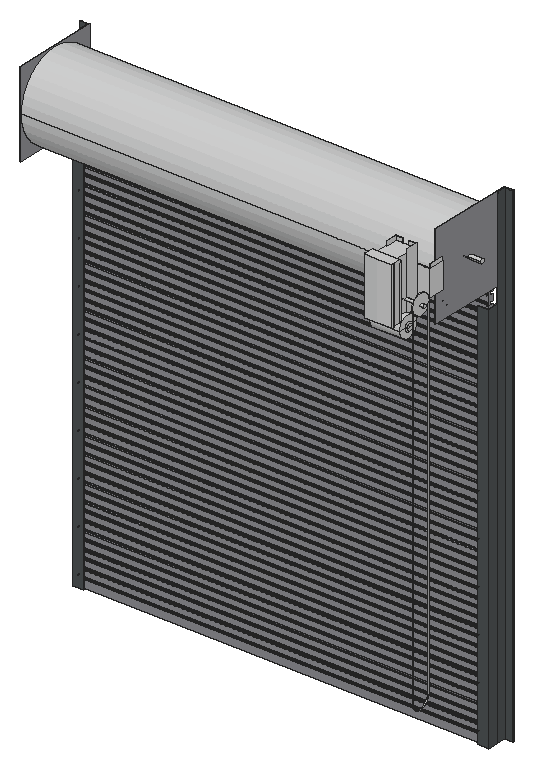
Revit family "Doors_Industrial_Overhead-Door-Corporation_Stormtite-AP-Rolling-Steel-Service-Doors-627_​", category Specialty Equipment, host Wall, Revit 2019 (continued)
Definition of nested family "Motor"
  Definition of nested family "2D_NotScalableMain_29e791da-3db9-4234-ab15-44456784202b"
    Lines and regions (in)
      Masking region 4, in view "Ref. Level", visible <- "Top + Bench"
        outline origin (0, 0, 0) x (1, 0, 0) y (0, 1, 0)
          loop
            line (-6.9985, -0.96741) -> (-5.7485, -0.96741) -> (-5.7485, -0.30491) -> (-5.5274, -0.30491) -> (-5.5274, -1.76746) -> (-5.42825, -1.86661) -> (-4.5757, -1.86661) -> (-4.5757, -3.22517) -> (4.57, -3.22517) -> (4.57, -1.27241) -> (4.799, -1.27241) -> (4.799, -0.84111) -> (5.199, -0.84111) -> (5.199, 0.84111) -> (4.799, 0.84111) -> (4.799, 1.27241) -> (4.57, 1.27241) -> (4.57, 3.22034) -> (4.3324, 3.22034) -> (4.3324, 6.13) -> (7.2495, 6.13) -> (7.2495, 3.53) -> (7.52, 3.53) -> (7.52, 6.13) -> (8.82, 6.13) -> (8.82, 6.93) -> (7.52, 6.93) -> (7.52, 9.53) -> (7.2495, 9.53) -> (7.2495, 6.93) -> (4.3324, 6.93) -> (4.3324, 19.24819) -> (3.108, 19.24819) -> (3.108, 20.0298) -> (0.988, 20.0298) -> (0.988, 19.24819) -> (-0.988, 19.24819) -> (-0.988, 20.0298) -> (-3.108, 20.0298) -> (-3.108, 19.24819) -> (-4.3324, 19.24819) -> (-4.3324, 3.22517) -> (-4.5757, 3.22517) -> (-4.5757, 1.86661) -> (-5.42825, 1.86661) -> (-5.5274, 1.76746) -> (-5.5274, 0.30491) -> (-5.7485, 0.30491) -> (-5.7485, 0.96741) -> (-6.9985, 0.96741) -> (-6.9985, -0.96741)
      Masking region 5, in view "Ref. Level", visible <- "Top Mount"
        outline origin (0, 0, 0) x (1, 0, 0) y (0, 1, 0)
          loop
            line (4.3324, 14.55771) -> (4.3324, 6.93) -> (7.2495, 6.93) -> (7.2495, 14.55771) -> (7.1295, 14.55771) -> (7.1295, 15.55771) -> (6.8795, 15.55771) -> (6.8795, 14.55771) -> (4.3324, 14.55771)
      Masking region 6, in view "Ref. Level", visible <- "Wall Mount"
        outline origin (0, 0, 0) x (1, 0, 0) y (0, 1, 0)
          loop
            line (-4.988, 4.96193) -> (-3.108, 4.96193) -> (-3.108, 1.46193) -> (-2.988, 1.46193) -> (-2.988, 5.08193) -> (-4.988, 5.08193) -> (-4.988, 4.96193)
          loop
            line (2.988, 1.46193) -> (3.108, 1.46193) -> (3.108, 4.96193) -> (4.988, 4.96193) -> (4.988, 5.08193) -> (2.988, 5.08193) -> (2.988, 1.46193)
      Masking region 7, in view "Ref. Level", visible <- "Bench Mount"
        outline origin (0, 0, 0) x (1, 0, 0) y (0, 1, 0)
          loop
            line (-7.24, 9.2698) -> (-7.1205, 9.2698) -> (-7.1205, 9.1098) -> (-4.3324, 9.1098) -> (-4.3324, 17.4298) -> (-7.1205, 17.4298) -> (-7.1205, 17.2698) -> (-7.24, 17.2698) -> (-7.24, 9.2698)
      Masking region 8, in view "Ref. Level", visible <- "Chain Hoist"
        outline origin (0, -6.98957, 0) x (1, 0, 0) y (0, 1, 0)
          loop
            line (4.7396, 6.58957) -> (7.2495, 6.58957) -> (7.2495, 3.98957) -> (7.52, 3.98957) -> (7.52, 6.58957) -> (8.82, 6.58957) -> (8.82, 7.38957) -> (7.52, 7.38957) -> (7.52, 9.98957) -> (7.2495, 9.98957) -> (7.2495, 7.38957) -> (4.7396, 7.38957) -> (4.7396, 6.58957)
      reference lines, in view "Ref. Level"
        curve 1: line (0, 0, 0) -> (0, 0.125, 0)
        curve 2: line (0, 0, 0) -> (0.125, 0, 0)
      detail lines, in view "Ref. Level", visible <- "Not Top + Bench"
        curve 3: line (7.2495, 4.19, 0) -> (7.2495, -1.81, 0)
        curve 4: line (7.52, 4.19, 0) -> (7.52, -1.81, 0)
        curve 5: line (-4.134, -2.29347, 0) -> (-4.134, -5.05565, 0)
        curve 6: line (4.116, -2.29347, 0) -> (4.116, -5.05565, 0)
        curve 7: line (-4.134, -2.41307, 0) -> (4.116, -2.41307, 0)
        curve 8: line (4.116, -2.29347, 0) -> (3.108, -2.29347, 0)
        curve 9: line (2.988, -2.17347, 0) -> (2.988, 4.96193, 0)
        curve 10: line (2.988, 4.96193, 0) -> (-2.988, 4.96193, 0)
        curve 11: line (-2.988, 4.96193, 0) -> (-2.988, -2.17347, 0)
        curve 12: arc (-2.988, -2.17347, 0) -> (-3.02315, -2.25832, 0) -> (-3.108, -2.29347, 0) r 0.12
        curve 13: arc (3.108, -2.29347, 0) -> (3.02315, -2.25832, 0) -> (2.988, -2.17347, 0) r 0.12
        curve 14: line (4.57, -3.22517, 0) -> (4.57, 0.77483, 0)
        curve 15: line (4.799, -1.27241, 0) -> (4.799, 0.77483, 0)
        curve 16: line (5.199, -0.84111, 0) -> (5.199, 0.77483, 0)
        curve 17: line (-4.5757, -3.22517, 0) -> (-4.5757, 3.22517, 0)
        curve 18: line (-5.42825, -1.86661, 0) -> (-5.42825, 1.86661, 0)
        curve 19: line (-5.5274, 1.76746, 0) -> (-5.5274, -1.76746, 0)
        curve 20: line (-5.7485, -0.96741, 0) -> (-5.7485, 0.96741, 0)
        curve 25: line (-4.116, -2.29347, 0) -> (-3.108, -2.29347, 0)
        curve 26: line (5.199, 0.77483, 0) -> (2.988, 0.77483, 0)
        curve 27: line (4.57, 1.59, 0) -> (3.108, 1.59, 0)
      detail lines, in view "Ref. Level", visible <- "Fire King Face Mount"
        curve 21: circle (0, 1.59, 0) r 1.29967 normal (0, 0, 1)
        curve 22: circle (0, 1.59, 0) r 0.87193 normal (0, 0, 1)
        curve 23: line (-2.988, 7.80693, 0) -> (2.988, 7.80693, 0)
        curve 24: line (-2.988, 7.685, 0) -> (2.988, 7.685, 0)
      detail lines, in view "Ref. Level", visible <- "Top + Bench"
        curve 28: line (-4.5757, -3.22517, 0) -> (-4.5757, 3.22517, 0)
        curve 29: line (-5.42825, 1.86661, 0) -> (-5.42825, -1.86661, 0)
        curve 30: line (-5.5274, 1.76746, 0) -> (-5.5274, -1.76746, 0)
        curve 31: line (-5.7485, -0.96741, 0) -> (-5.7485, 0.96741, 0)
        curve 32: line (-4.3324, 1.8898, 0) -> (-4.3324, 19.24819, 0)
        curve 33: line (-4.3324, 1.8898, 0) -> (4.3324, 1.8898, 0)
        curve 34: line (4.3324, 1.8898, 0) -> (4.3324, 19.24819, 0)
        curve 35: line (4.57, 3.22517, 0) -> (4.57, -3.22517, 0)
        curve 36: line (4.799, 1.27241, 0) -> (4.799, -1.22759, 0)
        curve 41: line (2.988, 20.0298, 0) -> (2.988, 19.24819, 0)
        curve 42: line (-2.988, 20.0298, 0) -> (-2.988, 19.24819, 0)
        curve 43: line (-3.108, 19.24819, 0) -> (-0.988, 19.24819, 0)
        curve 44: line (0.988, 19.24819, 0) -> (3.108, 19.24819, 0)
      detail lines, in view "Ref. Level", visible <- "Chain Hoist"
        curve 37: line (7.2495, 3, 0) -> (7.2495, -3, 0)
        curve 38: line (7.52, -3, 0) -> (7.52, 3, 0)
      detail lines, in view "Ref. Level", visible <- "Bench Mount"
        curve 39: line (-7.1205, 17.4298, 0) -> (-7.1205, 9.1098, 0)
        curve 40: line (-6.9985, 17.4298, 0) -> (-6.9985, 9.1098, 0)
    Dimensions and locks (in)
      curve 1 to curve 1 = 1/8"
      curve 2 to curve 2 = 1/8"
      aligned and locked: plane 1 "Center (Front/Back)" to curve 1
      aligned and locked: plane 3 "Center (Left/Right)" to curve 1
      aligned and locked: plane 1 "Center (Front/Back)" to curve 2
Definition of nested family "627"
  Parameters (values of type "Vision lites 1”x10” - Brown")
    Void Offset [instance] = if(Integrated Cutout, 0", 2")  # 2 1/4"
    Void Height [instance] = 1 1/2"  # constant formula
    Standard = no
    Slat Width [instance] = 1 1/2"  # constant formula
    Slat Position + Offset [instance] = Slat Position + Cutout Vertical Offset  # 14.491"
    Slat Position [instance] = 2.63" * 5  # 13.15"
    Slat Option [instance] = 3
    Rough Height = 0"
    Perforation = no
    Fenestration Small = no
    Fenestration Large = yes
    Cutout Width Offset [instance] = 1"  # constant formula
    Cutout Material 2 = none
    Cutout Horizontal Offset [instance] = 1"  # constant formula
    Cutout Material = none
    Panel Material = none
    Opening Width [instance] = 126"
    Cutout Vertical Offset [instance] = 1.341"  # constant formula
    F 265, FE 265 [instance] = if(Slat Option > 2, 1 = 1, 1 = 2)  # yes
    Default Elevation = 48"
    Integrated Cutout [instance] = if(and(or(Perforation, Fenestration Small), Slat Option > 1), 1 = 1, if(and(Fenestration Large, Slat Option > 2), 1 = 1, 1 = 2))  # yes
    C 275 [instance] = if(Slat Option = 2, 1 = 1, 1 = 2)  # no
    C 187 Standard [instance] = if(Slat Option < 2, 1 = 1, 1 = 2)  # no
    Analytic Construction = "<None>"
  Types (8): name | Void Offset | Standard | Fenestration Large | Integrated Cutout
    Standard - White | 2" | yes | no | no
    Standard - Tan | 2" | yes | no | no
    Standard - Brown | 2" | yes | no | no
    Standard - Gray | 2" | yes | no | no
    Vision lites 1”x10” - White | 2 1/4" | no | yes | yes
    Vision lites 1”x10” - Tan | 2 1/4" | no | yes | yes
    Vision lites 1”x10” - Gray | 2 1/4" | no | yes | yes
    Vision lites 1”x10” - Brown | 2 1/4" | no | yes | yes
  Reference planes (in)
    plane 1 "Center (Front/Back)": y = 0
    plane 2: z = 0
    plane 3 "Center (Left/Right)": x = 0
    plane 4: x = -63
    plane 5: x = 63
    plane 6: y = 1.5
    plane 7: y = 0
    plane 8: y = 0.75
    plane 9: x = -62
    plane 10: x = 62
    plane 11: z = 1.341
    plane 12: z = 3.971
    plane 13: z = 6.601
    plane 14: z = 9.231
    plane 15: z = 11.861
    plane 16: y = 3
  Forms (in)
    Extrusion 1, solid, material <- "Panel Material", visible <- "F 265, FE 265"
      sketch origin (0, -4.98186, 13.12534) x (0, 1, 0) y (0, 0, 1)
        loop
          arc (5.45292, -0.19368) -> (5.39447, 0.21742) -> (5.19886, -0.14885) r 0.21842
          line (5.19886, -0.14885) -> (5.00017, -0.34755)
          arc (5.00017, -0.34755) -> (4.98662, -0.36783) -> (4.98186, -0.39174) r 0.0625
          line (4.98186, -0.39174) -> (4.98186, -2.16267)
          arc (4.98186, -2.16267) -> (4.98426, -2.18702) -> (4.99135, -2.21045) r 0.125
          line (4.99135, -2.21045) -> (5.14325, -2.57763)
          arc (5.14325, -2.57763) -> (5.14677, -2.68295) -> (5.19886, -2.77455) r 0.22006
          line (5.19886, -2.77455) -> (5.00018, -2.97308)
          arc (5.00018, -2.97308) -> (4.98662, -2.99336) -> (4.98186, -3.01729) r 0.0625
          line (4.98186, -3.01729) -> (4.98186, -4.78837)
          arc (4.98186, -4.78837) -> (4.98426, -4.81272) -> (4.99135, -4.83615) r 0.125
          line (4.99135, -4.83615) -> (5.14325, -5.20333)
          arc (5.14325, -5.20333) -> (5.14677, -5.30865) -> (5.19886, -5.40025) r 0.22006
          line (5.19886, -5.40025) -> (5.00018, -5.59878)
          arc (5.00018, -5.59878) -> (4.98662, -5.61906) -> (4.98186, -5.64299) r 0.0625
          line (4.98186, -5.64299) -> (4.98186, -7.41407)
          arc (4.98186, -7.41407) -> (4.98426, -7.43843) -> (4.99135, -7.46185) r 0.125
          line (4.99135, -7.46185) -> (5.14325, -7.82903)
          arc (5.14325, -7.82903) -> (5.14677, -7.93435) -> (5.19886, -8.02595) r 0.22006
          line (5.19886, -8.02595) -> (5.00018, -8.22448)
          arc (5.00018, -8.22448) -> (4.98662, -8.24476) -> (4.98186, -8.26869) r 0.0625
          line (4.98186, -8.26869) -> (4.98186, -10.03977)
          arc (4.98186, -10.03977) -> (4.98426, -10.06413) -> (4.99135, -10.08755) r 0.125
          line (4.99135, -10.08755) -> (5.14325, -10.45473)
          arc (5.14325, -10.45473) -> (5.14677, -10.56005) -> (5.19886, -10.65165) r 0.22006
          line (5.19886, -10.65165) -> (5.00018, -10.85018)
          arc (5.00018, -10.85018) -> (4.98662, -10.87046) -> (4.98186, -10.89439) r 0.0625
          line (4.98186, -10.89439) -> (4.98186, -12.73128)
          arc (4.98186, -12.73128) -> (4.98662, -12.7552) -> (5.00017, -12.77547) r 0.0625
          line (5.00017, -12.77547) -> (5.19886, -12.97417)
          arc (5.19886, -12.97417) -> (5.39447, -13.34044) -> (5.45292, -12.92935) r 0.21842
          line (5.45292, -12.92935) -> (5.58628, -12.79599)
          arc (5.58628, -12.79599) -> (5.60655, -12.78244) -> (5.63047, -12.77768) r 0.0625
          line (5.63047, -12.77768) -> (6.41936, -12.77768)
          arc (6.41936, -12.77768) -> (6.46355, -12.75937) -> (6.48186, -12.71518) r 0.0625
          line (6.48186, -12.71518) -> (6.48186, -10.91065)
          arc (6.48186, -10.91065) -> (6.46355, -10.86645) -> (6.41936, -10.84815) r 0.0625
          line (6.41936, -10.84815) -> (5.63047, -10.84815)
          arc (5.63047, -10.84815) -> (5.60655, -10.84339) -> (5.58628, -10.82984) r 0.0625
          line (5.58628, -10.82984) -> (5.45292, -10.69648)
          arc (5.45292, -10.69648) -> (5.56742, -10.5584) -> (5.53991, -10.38115) r 0.21842
          line (5.53991, -10.38115) -> (5.53991, -10.1271)
          arc (5.53991, -10.1271) -> (5.55821, -10.08291) -> (5.60241, -10.0646) r 0.0625
          line (5.60241, -10.0646) -> (6.41936, -10.0646)
          arc (6.41936, -10.0646) -> (6.46355, -10.0463) -> (6.48186, -10.0021) r 0.0625
          line (6.48186, -10.0021) -> (6.48186, -8.28495)
          arc (6.48186, -8.28495) -> (6.46355, -8.24075) -> (6.41936, -8.22245) r 0.0625
          line (6.41936, -8.22245) -> (5.63047, -8.22245)
          arc (5.63047, -8.22245) -> (5.60655, -8.21769) -> (5.58628, -8.20414) r 0.0625
          line (5.58628, -8.20414) -> (5.45292, -8.07078)
          arc (5.45292, -8.07078) -> (5.56742, -7.9327) -> (5.53991, -7.75545) r 0.21842
          line (5.53991, -7.75545) -> (5.53991, -7.5014)
          arc (5.53991, -7.5014) -> (5.55821, -7.45721) -> (5.60241, -7.4389) r 0.0625
          line (5.60241, -7.4389) -> (6.41936, -7.4389)
          arc (6.41936, -7.4389) -> (6.46355, -7.4206) -> (6.48186, -7.3764) r 0.0625
          line (6.48186, -7.3764) -> (6.48186, -5.65925)
          arc (6.48186, -5.65925) -> (6.46355, -5.61505) -> (6.41936, -5.59675) r 0.0625
          line (6.41936, -5.59675) -> (5.63047, -5.59675)
          arc (5.63047, -5.59675) -> (5.60655, -5.59199) -> (5.58628, -5.57844) r 0.0625
          line (5.58628, -5.57844) -> (5.45292, -5.44508)
          arc (5.45292, -5.44508) -> (5.56742, -5.307) -> (5.53991, -5.12975) r 0.21842
          line (5.53991, -5.12975) -> (5.53991, -4.8757)
          arc (5.53991, -4.8757) -> (5.55821, -4.83151) -> (5.60241, -4.8132) r 0.0625
          line (5.60241, -4.8132) -> (6.41936, -4.8132)
          arc (6.41936, -4.8132) -> (6.46355, -4.79489) -> (6.48186, -4.7507) r 0.0625
          line (6.48186, -4.7507) -> (6.48186, -3.03354)
          arc (6.48186, -3.03354) -> (6.46355, -2.98935) -> (6.41936, -2.97104) r 0.0625
          line (6.41936, -2.97104) -> (5.63047, -2.97104)
          arc (5.63047, -2.97104) -> (5.60655, -2.96629) -> (5.58628, -2.95274) r 0.0625
          line (5.58628, -2.95274) -> (5.45292, -2.81938)
          arc (5.45292, -2.81938) -> (5.56742, -2.6813) -> (5.53991, -2.50405) r 0.21842
          line (5.53991, -2.50405) -> (5.53991, -2.25)
          arc (5.53991, -2.25) -> (5.55821, -2.20581) -> (5.60241, -2.1875) r 0.0625
          line (5.60241, -2.1875) -> (6.41936, -2.1875)
          arc (6.41936, -2.1875) -> (6.46355, -2.16919) -> (6.48186, -2.125) r 0.0625
          line (6.48186, -2.125) -> (6.48186, -0.40784)
          arc (6.48186, -0.40784) -> (6.46355, -0.36365) -> (6.41936, -0.34534) r 0.0625
          line (6.41936, -0.34534) -> (5.63047, -0.34534)
          arc (5.63047, -0.34534) -> (5.60655, -0.34059) -> (5.58628, -0.32704) r 0.0625
          line (5.58628, -0.32704) -> (5.45292, -0.19368)
      from -63 to 63
    Extrusion 2, void
      sketch origin (0, 0, 0) x (0, 1, 0) y (0, 0, 1)
        loop
          line (2.25, 12.611) -> (2.25, 11.111) -> (3.75, 11.111) -> (3.75, 12.611) -> (2.25, 12.611)
        loop
          line (2.25, 9.981) -> (2.25, 8.481) -> (3.75, 8.481) -> (3.75, 9.981) -> (2.25, 9.981)
        loop
          line (2.25, 7.351) -> (2.25, 5.851) -> (3.75, 5.851) -> (3.75, 7.351) -> (2.25, 7.351)
        loop
          line (2.25, 4.721) -> (2.25, 3.221) -> (3.75, 3.221) -> (3.75, 4.721) -> (2.25, 4.721)
        loop
          line (2.25, 2.091) -> (2.25, 0.591) -> (3.75, 0.591) -> (3.75, 2.091) -> (2.25, 2.091)
      from -62 to 62
  Cuts and joins
    Extrusion 2 cuts Extrusion 1
  Lines and regions (in)
    reference lines
      curve 1: line (0, -4.98186, 12.78) -> (0, 10.2077, 12.78)
  Dimensions and locks (in)
    equal spacing: plane 4, plane 3 "Center (Left/Right)", plane 5
    "Opening Width": plane 4 to plane 5
    "Slat Width": plane 1 "Center (Front/Back)" to plane 6
    equal spacing: plane 1 "Center (Front/Back)", plane 8, plane 6
    "Cutout Width Offset": plane 4 to plane 9
    "Cutout Width Offset": plane 5 to plane 10
    locked: curve 1 to curve 1 at 15.18956
    locked: plane 12 to plane 11 at 2.63
    locked: plane 13 to plane 12 at 2.63
    locked: plane 14 to plane 13 at 2.63
    locked: plane 15 to plane 14 at 2.63
    locked: plane 11 to level at 1.341
    locked: curve 1 to level at 12.78
    "Void Offset": plane 8 to plane 16
    locked: Extrusion 2 sketch curve to plane 16 at 0.75
    locked: plane 16 to Extrusion 2 sketch curve at 0.75
    equal spacing: Extrusion 2 sketch curve, plane 15, Extrusion 2 sketch curve
    equal spacing: Extrusion 2 sketch curve, plane 14, Extrusion 2 sketch curve
    equal spacing: Extrusion 2 sketch curve, plane 13, Extrusion 2 sketch curve
    equal spacing: Extrusion 2 sketch curve, plane 12, Extrusion 2 sketch curve
    equal spacing: Extrusion 2 sketch curve, plane 11, Extrusion 2 sketch curve
    locked: Extrusion 2 sketch curve to Extrusion 2 sketch curve at 1.5  (x5)
    aligned and locked: plane 2 to level
    aligned and locked: plane 1 "Center (Front/Back)" to plane 7
    aligned and locked: plane 5 to Extrusion 1
    aligned and locked: plane 4 to Extrusion 1
    aligned and locked: plane 8 to nested 5
    aligned and locked: plane 8 to nested 4
    aligned and locked: plane 8 to nested 3
    aligned and locked: plane 8 to nested 1
    aligned and locked: plane 8 to nested 2
    aligned and locked: plane 3 "Center (Left/Right)" to nested 2
    aligned and locked: plane 3 "Center (Left/Right)" to nested 1
    aligned and locked: plane 3 "Center (Left/Right)" to nested 3
    aligned and locked: plane 3 "Center (Left/Right)" to nested 4
    aligned and locked: plane 3 "Center (Left/Right)" to nested 5
    aligned and locked: Extrusion 2 sketch curve to Extrusion 2 sketch curve  (x8)
    aligned and locked: plane 9 to Extrusion 2
    aligned and locked: plane 10 to Extrusion 2
  Automatic sketch dimensions
    plane 1 "Center (Front/Back)" to curve 1 = 4.98186"
    curve 1 to Extrusion 1 sketch curve = 0"
    curve 1 to Extrusion 1 sketch curve = 4.98186"  (x2)
    curve 1 to Extrusion 1 sketch curve = 0.0464"
    Extrusion 1 sketch curve to Extrusion 1 sketch curve = 0"  (x9)
    curve 1 to Extrusion 1 sketch curve = 1.8651"
    Extrusion 1 sketch curve to Extrusion 1 sketch curve = 0.00949"  (x4)
    curve 1 to Extrusion 1 sketch curve = 4.49081"
    Extrusion 1 sketch curve to Extrusion 1 sketch curve = 0.01831"  (x3)
    curve 1 to Extrusion 1 sketch curve = 0.00221"
    Extrusion 1 sketch curve to Extrusion 1 sketch curve = 0.01832"  (x4)
    curve 1 to Extrusion 1 sketch curve = 2.62774"
    Extrusion 1 sketch curve to Extrusion 1 sketch curve = 0.04418"  (x3)
    Extrusion 1 sketch curve to Extrusion 1 sketch curve = 1/16"  (x11)
    Extrusion 1 sketch curve to Extrusion 1 sketch curve = 0.11551"  (x3)
    Extrusion 1 sketch curve to Extrusion 1 sketch curve = 1/8"
    Extrusion 1 sketch curve to Extrusion 1 sketch curve = 0.1519"  (x2)
    curve 1 to Extrusion 1 sketch curve = 2.23228"
    curve 1 to Extrusion 1 sketch curve = 4.85798"
    Extrusion 1 sketch curve to Extrusion 1 sketch curve = 0.1987"
    Extrusion 1 sketch curve to Extrusion 1 sketch curve = 0.05561"  (x3)
    Extrusion 1 sketch curve to curve 1 = 0.19649"
    curve 1 to Extrusion 1 sketch curve = 2.42921"
    Extrusion 1 sketch curve to Extrusion 1 sketch curve = 0.15765"  (x2)
    Extrusion 1 sketch curve to Extrusion 1 sketch curve = 0.21361"  (x4)
    Extrusion 1 sketch curve to Extrusion 1 sketch curve = 0.0017"  (x4)
    curve 1 to Extrusion 1 sketch curve = 2.47403"
    Extrusion 1 sketch curve to Extrusion 1 sketch curve = 0.09436"  (x4)
    Extrusion 1 sketch curve to curve 1 = 0.15167"
    Extrusion 1 sketch curve to Extrusion 1 sketch curve = 0.0964"  (x2)
    Extrusion 1 sketch curve to Extrusion 1 sketch curve = 0.18135"  (x4)
    Extrusion 1 sketch curve to Extrusion 1 sketch curve = 0.13336"  (x6)
    Extrusion 1 sketch curve to curve 1 = 0.01831"
    Extrusion 1 sketch curve to Extrusion 1 sketch curve = 0.04419"  (x6)
    Extrusion 1 sketch curve to Extrusion 1 sketch curve = 0.81695"  (x2)
    Extrusion 1 sketch curve to Extrusion 1 sketch curve = 0.78889"  (x4)
    curve 1 to Extrusion 1 sketch curve = 1/16"
    Extrusion 1 sketch curve to Extrusion 1 sketch curve = 0.04551"
    Extrusion 1 sketch curve to Extrusion 1 sketch curve = 0.00008"  (x4)
    Extrusion 1 sketch curve to Extrusion 1 sketch curve = 0.19624"
    Extrusion 1 sketch curve to Extrusion 1 sketch curve = 0.08917"  (x3)
    Extrusion 1 sketch curve to Extrusion 1 sketch curve = 1.71716"  (x2)
    Extrusion 1 sketch curve to Extrusion 1 sketch curve = 0.02483"
    Extrusion 1 sketch curve to Extrusion 1 sketch curve = 0.25405"  (x4)
    Extrusion 1 sketch curve to Extrusion 1 sketch curve = 0.11909"  (x2)
    Extrusion 1 sketch curve to Extrusion 1 sketch curve = 1.80453"
    Extrusion 1 sketch curve to Extrusion 1 sketch curve = 0.0464"
    Extrusion 1 sketch curve to Extrusion 1 sketch curve = 0.21417"
    Extrusion 1 sketch curve to Extrusion 1 sketch curve = 0.04559"
  Nested families (in)
    nested 1: "Perforation" at (0, 0.75, 9.231), visible <- "Integrated Cutout", type "Perforation"
      with Thickness 1 1/2", Opening Width 126", Height 1 1/2"
    nested 2: "Perforation" at (0, 0.75, 11.861), visible <- "Integrated Cutout", type "Perforation"
      with Thickness 1 1/2", Opening Width 126", Height 1 1/2"
    nested 3: "Perforation" at (0, 0.75, 6.601), visible <- "Integrated Cutout", type "Perforation"
      with Thickness 1 1/2", Opening Width 126", Height 1 1/2"
    nested 4: "Perforation" at (0, 0.75, 3.971), visible <- "Integrated Cutout", type "Perforation"
      with Thickness 1 1/2", Opening Width 126", Height 1 1/2"
    nested 5: "Perforation" at (0, 0.75, 1.341), visible <- "Integrated Cutout", type "Perforation"
      with Thickness 1 1/2", Opening Width 126", Height 1 1/2"
  Definition of nested family "Perforation"
    Parameters (values of type "Perforation")
      Thickness = 0.06"
      Perforation = none
      Opening Width = 123 5/8"
      Offset = 1"
      Height = 1"
      Default Elevation = 48"
    Reference planes (in)
      plane 1 "Center (Front/Back)": y = 0
      plane 2: z = 0
      plane 3 "Center (Left/Right)": x = 0
      plane 4: z = 0.5
      plane 5: z = -0.5
      plane 6: y = -0.03
      plane 7: y = 0.03
      plane 8: x = -61.8125
      plane 9: x = 61.8125
      plane 10: x = -60.8125
      plane 11: x = 60.8125
    Forms (in)
      Extrusion 1, solid, material <- "Perforation"
        sketch origin (0, -0.19, 0) x (0, 1, 0) y (0, 0, 1)
          loop
            line (0.16, 0.5) -> (0.16, -0.5) -> (0.22, -0.5) -> (0.22, 0.5) -> (0.16, 0.5)
        from -60.8125 to 60.8125
    Dimensions and locks (in)
      equal spacing: plane 4, level, plane 5
      "Height": plane 4 to plane 5
      equal spacing: plane 6, plane 1 "Center (Front/Back)", plane 7
      "Thickness": plane 6 to plane 7
      "Opening Width": plane 8 to plane 9
      "Offset": plane 8 to plane 10
      "Offset": plane 9 to plane 11
      equal spacing: plane 8, plane 3 "Center (Left/Right)", plane 9
      aligned and locked: plane 2 to level
      aligned and locked: plane 4 to Extrusion 1
      aligned and locked: Extrusion 1 to plane 5
      aligned and locked: plane 6 to Extrusion 1
      aligned and locked: plane 7 to Extrusion 1
      aligned and locked: Extrusion 1 to plane 10
      aligned and locked: plane 11 to Extrusion 1
    Automatic sketch dimensions
      Extrusion 1 sketch curve to level = 1/2"
      plane 1 "Center (Front/Back)" to Extrusion 1 sketch curve = 0.03"
      Extrusion 1 sketch curve to plane 1 "Center (Front/Back)" = 0.03"
      plane 4 to Extrusion 1 sketch curve = 0"
Definition of nested family "Label Annotation 1"
  Parameters (values of type "Label Annotation 1-8")
    Label = "Area is too big. Please reduce Door Size."
  Reference planes (in)
    plane 1: y = 0
    plane 2: x = 0
  Text (in)
    label "Label" at (0.00375, -0.00345, 0), shows "Label"
Definition of nested family "Warning Sign"
  Parameters (values of type "Warning Sign")
    Warning Sign [instance] = no
    Default Elevation = 48"
  Reference planes (in)
    plane 1 "Center (Front/Back)": y = 0
    plane 2: z = 0
    plane 3 "Center (Left/Right)": x = 0
    plane 4: y = 0.5
    plane 5: y = -0.5
    plane 6: y = 1
    plane 7: y = 0.25
  Lines and regions (in)
    model lines
      curve 1: line (-2.26129, 1, 45.69444) -> (-26.3817, 1, 3.91667)
      curve 2: line (-25.25106, 1, 3.26389) -> (-1.13064, 1, 45.04167)
      curve 3: arc (2.26129, 1, 45.69444) -> (0, 1, 47) -> (-2.26129, 1, 45.69444) r 2.61111
      curve 4: arc (-1.13064, 1, 45.04167) -> (0, 1, 45.69444) -> (1.13064, 1, 45.04167) r 1.30556
      curve 5: line (1.13064, 1, 45.04167) -> (25.25106, 1, 3.26389)
      curve 6: line (26.3817, 1, 3.91667) -> (2.26129, 1, 45.69444)
      curve 7: arc (25.25106, 1, 3.26389) -> (25.25106, 1, 1.95833) -> (24.12041, 1, 1.30556) r 1.30556
      curve 8: arc (24.12041, 1, 0) -> (26.3817, 1, 1.30556) -> (26.3817, 1, 3.91667) r 2.61111
      curve 9: line (24.12041, 1, 1.30556) -> (-24.12041, 1, 1.30556)
      curve 10: line (-24.12041, 1, 0) -> (24.12041, 1, 0)
      curve 11: arc (-24.12041, 1, 1.30556) -> (-25.25106, 1, 1.95833) -> (-25.25106, 1, 3.26389) r 1.30556
      curve 12: arc (-26.3817, 1, 3.91667) -> (-26.3817, 1, 1.30556) -> (-24.12041, 1, 0) r 2.61111
      curve 13: arc (-2.29479, 1, 8.63537) -> (0, 1, 6.34057) -> (2.29479, 1, 8.63537) r 2.29479
      curve 14: arc (2.29479, 1, 8.63537) -> (0, 1, 10.93016) -> (-2.29479, 1, 8.63537) r 2.29479
      curve 15: arc (-1.6331, 1, 13.97069) -> (0.03439, 1, 12.53727) -> (1.69278, 1, 13.98121) r 1.68043
      curve 16: line (-3.77413, 1, 28.37873) -> (-1.6331, 1, 13.97069)
      curve 17: line (1.69278, 1, 13.98121) -> (3.73924, 1, 28.37873)
      curve 18: arc (3.73924, 1, 28.37873) -> (-0.01745, 1, 32.13541) -> (-3.77413, 1, 28.37873) r 3.75668
      curve 19: line (-2.26129, -0.5, 45.69444) -> (-26.3817, -0.5, 3.91667)
      curve 20: line (-25.25106, -0.5, 3.26389) -> (-1.13064, -0.5, 45.04167)
      curve 21: arc (2.26129, -0.5, 45.69444) -> (0, -0.5, 47) -> (-2.26129, -0.5, 45.69444) r 2.61111
      curve 22: arc (-1.13064, -0.5, 45.04167) -> (0, -0.5, 45.69444) -> (1.13064, -0.5, 45.04167) r 1.30556
      curve 23: line (1.13064, -0.5, 45.04167) -> (25.25106, -0.5, 3.26389)
      curve 24: line (26.3817, -0.5, 3.91667) -> (2.26129, -0.5, 45.69444)
      curve 25: arc (25.25106, -0.5, 3.26389) -> (25.25106, -0.5, 1.95833) -> (24.12041, -0.5, 1.30556) r 1.30556
      curve 26: arc (24.12041, -0.5, 0) -> (26.3817, -0.5, 1.30556) -> (26.3817, -0.5, 3.91667) r 2.61111
      curve 27: line (24.12041, -0.5, 1.30556) -> (-24.12041, -0.5, 1.30556)
      curve 28: line (-24.12041, -0.5, 0) -> (24.12041, -0.5, 0)
      curve 29: arc (-24.12041, -0.5, 1.30556) -> (-25.25106, -0.5, 1.95833) -> (-25.25106, -0.5, 3.26389) r 1.30556
      curve 30: arc (-26.3817, -0.5, 3.91667) -> (-26.3817, -0.5, 1.30556) -> (-24.12041, -0.5, 0) r 2.61111
      curve 31: arc (-2.29479, -0.5, 8.63537) -> (0, -0.5, 6.34057) -> (2.29479, -0.5, 8.63537) r 2.29479
      curve 32: arc (2.29479, -0.5, 8.63537) -> (0, -0.5, 10.93016) -> (-2.29479, -0.5, 8.63537) r 2.29479
      curve 33: arc (-1.6331, -0.5, 13.97069) -> (0.03439, -0.5, 12.53727) -> (1.69278, -0.5, 13.98121) r 1.68043
      curve 34: line (-3.77413, -0.5, 28.37873) -> (-1.6331, -0.5, 13.97069)
      curve 35: line (1.69278, -0.5, 13.98121) -> (3.73924, -0.5, 28.37873)
      curve 36: arc (3.73924, -0.5, 28.37873) -> (-0.01745, -0.5, 32.13541) -> (-3.77413, -0.5, 28.37873) r 3.75668
  Dimensions and locks (in)
    locked: plane 1 "Center (Front/Back)" to plane 4 at 0.5
    equal spacing: plane 1 "Center (Front/Back)", plane 7, plane 4
    locked: plane 4 to plane 6 at 0.5
    locked: plane 5 to plane 1 "Center (Front/Back)" at 0.5
    aligned and locked: plane 2 to level
  Automatic sketch dimensions
    curve 21 to curve 22 = 0"  (x2)
    curve 25 to curve 26 = 0"  (x2)
    curve 29 to curve 30 = 0"  (x2)
    curve 31 to curve 32 = 0"  (x2)
    curve 21 to plane 3 "Center (Left/Right)" = 0"
    curve 31 to plane 3 "Center (Left/Right)" = 0"
    curve 30 to level = 0"
    level to curve 27 = 1.30556"
    curve 26 to curve 27 = 1.30556"
    curve 29 to curve 27 = 1.30556"
    curve 23 to curve 25 = 0.65278"
    curve 20 to curve 29 = 0.65278"
    curve 24 to curve 23 = 0.65278"
    curve 19 to curve 20 = 0.65278"
    level to curve 32 = 8.63537"
    curve 34 to plane 3 "Center (Left/Right)" = 1.6331"
    curve 34 to curve 31 = 5.33532"
    plane 3 "Center (Left/Right)" to curve 35 = 1.69278"
    curve 35 to curve 34 = 0.01052"
    plane 3 "Center (Left/Right)" to curve 33 = 0.02908"
    curve 36 to plane 3 "Center (Left/Right)" = 0.01745"
    curve 36 to curve 33 = 14.16104"
    curve 22 to curve 36 = 16.01016"
    plane 3 "Center (Left/Right)" to curve 23 = 1.13064"
    curve 23 to curve 21 = 0.65278"
    curve 20 to plane 3 "Center (Left/Right)" = 1.13064"
    plane 3 "Center (Left/Right)" to curve 24 = 2.26129"
    curve 24 to curve 22 = 0.65278"
    curve 19 to plane 3 "Center (Left/Right)" = 2.26129"
    curve 34 to curve 36 = 3.75668"
    curve 30 to plane 3 "Center (Left/Right)" = 24.12041"
    plane 3 "Center (Left/Right)" to curve 25 = 24.12041"
    curve 31 to curve 31 = 2.29479"
    curve 3 to curve 4 = 0"  (x2)
    curve 7 to curve 8 = 0"  (x2)
    curve 11 to curve 12 = 0"  (x2)
    curve 13 to curve 14 = 0"  (x2)
    curve 3 to plane 3 "Center (Left/Right)" = 0"
    curve 13 to plane 3 "Center (Left/Right)" = 0"
    curve 12 to level = 0"
    level to curve 9 = 1.30556"
    curve 8 to curve 9 = 1.30556"
    curve 11 to curve 9 = 1.30556"
    curve 5 to curve 7 = 0.65278"
    curve 2 to curve 11 = 0.65278"
    curve 6 to curve 5 = 0.65278"
    curve 1 to curve 2 = 0.65278"
    level to curve 14 = 8.63537"
    curve 16 to plane 3 "Center (Left/Right)" = 1.6331"
    curve 16 to curve 13 = 5.33532"
    plane 3 "Center (Left/Right)" to curve 17 = 1.69278"
    curve 17 to curve 16 = 0.01052"
    plane 3 "Center (Left/Right)" to curve 15 = 0.02908"
    curve 18 to plane 3 "Center (Left/Right)" = 0.01745"
    curve 18 to curve 15 = 14.16104"
    curve 4 to curve 18 = 16.01016"
    plane 3 "Center (Left/Right)" to curve 5 = 1.13064"
    curve 5 to curve 3 = 0.65278"
    curve 2 to plane 3 "Center (Left/Right)" = 1.13064"
    plane 3 "Center (Left/Right)" to curve 6 = 2.26129"
    curve 6 to curve 4 = 0.65278"
    curve 1 to plane 3 "Center (Left/Right)" = 2.26129"
    curve 16 to curve 18 = 3.75668"
    curve 12 to plane 3 "Center (Left/Right)" = 24.12041"
    plane 3 "Center (Left/Right)" to curve 7 = 24.12041"
    curve 13 to curve 13 = 2.29479"
Types (6): name | Voltage | Operator Visibility | Number of Poles | Hood Offset | Headroom Height Real | Headroom Height | Door Height True | Door Height (Real) | Floor To (CL) of Shaft | Chain Hoist or Manual | Connector Array | Calculated Area | Apparent Load Phase 3 | Apparent Load Phase 2 | Apparent Load Phase 1
  115 volts, one phase, 60 Hz (110-120V range) | 115 V | yes | 1 | 5" | 31" | 31" | 151" | 125" | 138" | no | 3 | 104.601 SF | 0 VA | 0 VA | 2300 VA
  Chain Hoist | 115 V | yes | 1 | 3" | 29" | 29" | 149" | 123" | 136" | yes | 2 | 102.927 SF | 0 VA | 0 VA | 2300 VA
  Manual push-up | 115 V | no | 1 | 3" | 29" | 29" | 149" | 123" | 136" | yes | 2 | 102.927 SF | 0 VA | 0 VA | 2300 VA
  230 volts, three phase, 60 Hz (208-245V range) | 230 V | yes | 3 | 5" | 31" | 31" | 151" | 125" | 138" | no | 3 | 104.601 SF | 2655.81 VA | 2655.81 VA | 2655.81 VA
  230 volts, single phase, 60 Hz (208-245V range) | 230 V | yes | 1 | 5" | 31" | 31" | 151" | 125" | 138" | no | 3 | 104.601 SF | 0 VA | 0 VA | 4600 VA
  460 volts, three phase, 60 Hz (456-495V range) | 460 V | yes | 3 | 5" | 31" | 31" | 151" | 125" | 138" | no | 3 | 104.601 SF | 5311.62 VA | 5311.62 VA | 5311.62 VA
